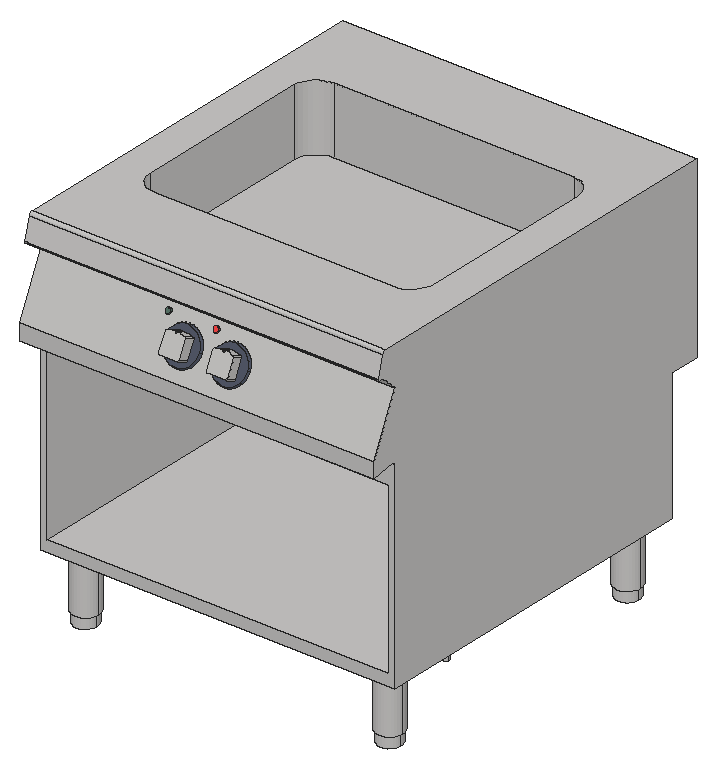
Revit family "QF_ZANUSSI_392151_Z9MFEHDIO0", category Specialty Equipment, Revit 2018
Family settings
  Round Connector Dimension = Use Diameter
  Part Type = Normal
  Work Plane-Based = No
  Always vertical = Yes
  Cut with Voids When Loaded = No
  Shared = No
  Room Calculation Point = No
Parameters
  Width = 800 mm  # constant formula
  Weight in Pounds = 115  # constant formula
  Weight = 0.00 kg
  Watts = 10000 W  # constant formula
  Waste Water Discharge Temperature [instance] = -459.67 °F
  Volts = 400 V  # constant formula
  URL Manufacturer = "http://www.zanussiprofessional.com"
  URL Cutsheet = "www.electrolux.com/foodservice"
  URL = "http://www.zanussiprofessional.com"
  Type Mark [instance] = ""
  Steam Supply Size = 0"
  Steam Supply Minimum Pressure = 0.00 psi
  Steam Supply Maximum Pressure = 0.00 psi
  Steam Pounds per Hour = 0
  Status [instance] = ""
  Specification by User [instance] = ""
  Specification by Manufacturer = ""
  Show Logo [instance] = yes
  Show Clearance [instance] = yes
  Serial Number = ""
  Seismic Rating = ""
  SMACNA No = ""
  Revision Code [instance] = ""
  Refrigeration Suction Line Size = 0"
  Refrigeration Liquid Line Size = 0"
  Refrigerant Compressor Remote = yes
  Plumbing Remarks [instance] = ""
  Plumbing Connection Type [instance] = ""
  Phase = 3  # constant formula
  Omniclass Number and Title = ""
  Number of Poles [instance] = 1
  NAFEM Spec ID Number = ""
  Model = "Z9MFEHDIO0"
  Min Ckt Ampacity = 0 A
  Max Overcurrent Protection = 0 A
  Masterspec = ""
  Manufacturer = "Zanussi"
  Length Actual = 800 mm  # constant formula
  Item Number [instance] = "392151"
  Installed By [instance] = ""
  Indirect Waste Size = 2"
  Indirect Waste Flow [instance] = 0 GPM
  Indirect Waste Connection Type [instance] = ""
  Indirect Waste Connection Height = 0 mm
  Identify Quantity as Lot [instance] = yes
  Hot Water Size = 0"
  Height Actual = 850 mm  # constant formula
  Height = 333 mm  # constant formula
  HP = "13.4 HP"
  Gas Size = 0"
  Gas KW = 0
  Gas Input Pressure = 0.0 Btu/h
  Furnished By [instance] = ""
  Foodservice Equipment Identifier [instance] = yes
  FL Amps = if(Phase = 3, Watts / (Volts * 1.73), Watts / Volts)  # 14.4509 A
  Electrical Remarks [instance] = "400 V/3N ph/50/60 Hz"  # constant formula
  Electric Connection Type [instance] = ""
  Elec Conn RI Height [instance] = 0 mm
  Elec Conn Connection Height [instance] = 0 mm
  Direct Waste Size = 0"
  Description = "EL. MULTIF. COOKER COMPOUND BOTTOM 22L"
  Depth Actual = 900 mm  # constant formula
  Depth = 915 mm  # constant formula
  Cycle = if([60 Hertz Option], 60 Hz, 50 Hz)  # 60 Hz
  Conn Plug = ""
  Conn Conduit = yes
  Condensate Return Size = 0"
  Compressed Air Volume = 0 GPM
  Compressed Air Size = 0"
  Compressed Air Pressure = 0.00 psi
  Cold Water Size = 0"
  CSI MasterFormat = ""
  CSI Master Format = ""
  Base Height [instance] = 150 mm  # constant formula
  Apparent Power = if(Phase = 3, Volts * FL Amps * 1.73, Volts * FL Amps)  # 10000 VA
  Accessory = yes
  60 Hertz Option = not([50 Hertz Option])  # yes
  50 Hertz Option = no
Reference planes
  plane 1 "BACK": y = 0
  plane 2: z = 0
  plane 3 "LEFT": x = 0
  plane 4 "RIGHT": x = 800
  plane 5 "FRONT": y = -915
  plane 6 "TOP": z = 865
  plane 7 "Center Y": x = 400
  plane 8 "Center X": y = -457.5
  plane 9: z = 150
  plane 10: y = -126
  plane 11: y = -800
  plane 12: y = -695
  plane 13: x = 56
  plane 14: x = 744
  plane 15: z = 600
Forms (mm)
  Extrusion 1, solid, material "QF_Finishes_Stainless Steel"
    sketch origin (0, -198.623, 0) x (0, 1, 0) y (0, 0, 1)
      loop
        line (198.623, 446.038) -> (198.623, 849) -> (-680.735, 849)
        arc (-680.735, 849) -> (-686.02, 846.811) -> (-688.209, 841.526) r 7.474
        line (-688.209, 841.526) -> (-701.26, 796.011)
        arc (-701.26, 796.011) -> (-700.772, 793.379) -> (-698.377, 792.184) r 3
        line (-698.377, 792.184) -> (-688.178, 792.184) -> (-656.358, 760.364) -> (-716.377, 636.508) -> (-716.377, 601.508) -> (-660.022, 609.428)
        arc (-660.022, 609.428) -> (-657.477, 608.674) -> (-656.377, 606.259) r 3.2
        line (-656.377, 606.259) -> (-656.377, 150) -> (127.186, 150) -> (127.186, 446.038) -> (198.623, 446.038)
    from 0 to 800
  Extrusion 2, void
    sketch origin (0, -198.623, 850.238) x (-1, 0, 0) y (0, -1, 0)
      loop
        line (-670, -11.863) -> (-128.433, -11.863)
        arc (-128.433, -11.863) -> (-93.078, 2.782) -> (-78.433, 38.137) r 50
        line (-78.433, 38.137) -> (-78.433, 446.377)
        arc (-78.433, 446.377) -> (-93.078, 481.732) -> (-128.433, 496.377) r 50
        line (-128.433, 496.377) -> (-670, 496.377)
        arc (-670, 496.377) -> (-705.355, 481.732) -> (-720, 446.377) r 50
        line (-720, 446.377) -> (-720, 38.137)
        arc (-720, 38.137) -> (-705.355, 2.782) -> (-670, -11.863) r 50
    from 0 to -152.4
  Extrusion 3, solid, material "QF_Clearances", visible <- "Show Clearance", detail levels coarse
    sketch origin (0, -198.623, 0) x (1, 0, 0) y (0, 1, 0)
      loop
        line (0, -716.377) -> (0, 198.623) -> (800, 198.623) -> (800, -716.377) -> (950.019, -716.377) -> (950.019, 348.642) -> (-150.019, 348.642) -> (-150.019, -716.377) -> (0, -716.377)
    from 0 to 865
  Revolve 4, solid, material "QF_Finishes_Stainless Steel"
    sketch origin (0, -799.136, 608.09) x (0, 0, 1) y (-1, 0, 0)
      loop
        line (-608.09, -56) -> (-458.09, -56) -> (-458.09, -26) -> (-583.09, -26) -> (-583.09, -29.75) -> (-608.09, -29.75) -> (-608.09, -56)
      axis (-608.09, -56) -> (-458.09, -56)
    angle from 0 to 360
  Revolve 5, solid, material "QF_Finishes_Stainless Steel"
    sketch origin (0, -126, 608.09) x (0, 0, 1) y (-1, 0, 0)
      loop
        line (-608.09, -56) -> (-458.09, -56) -> (-458.09, -26) -> (-583.09, -26) -> (-583.09, -29.75) -> (-608.09, -29.75) -> (-608.09, -56)
      axis (-608.09, -56) -> (-458.09, -56)
    angle from 0 to 360
  Revolve 6, solid, material "QF_Finishes_Stainless Steel"
    sketch origin (800.1, -799.136, 608.09) x (0, 0, 1) y (-1, 0, 0)
      loop
        line (-608.09, 56.1) -> (-608.09, 29.85) -> (-583.09, 29.85) -> (-583.09, 26.1) -> (-458.09, 26.1) -> (-458.09, 56.1) -> (-608.09, 56.1)
      axis (-608.09, 56.1) -> (-458.09, 56.1)
    angle from 0 to 360
  Revolve 7, solid, material "QF_Finishes_Stainless Steel"
    sketch origin (800.1, -126, 608.09) x (0, 0, 1) y (-1, 0, 0)
      loop
        line (-608.09, 56.1) -> (-608.09, 29.85) -> (-583.09, 29.85) -> (-583.09, 26.1) -> (-458.09, 26.1) -> (-458.09, 56.1) -> (-608.09, 56.1)
      axis (-608.09, 56.1) -> (-458.09, 56.1)
    angle from 0 to 360
  Extrusion 8, solid, material "QF_Finishes_Stainless Steel"
    sketch origin (-77.88, -4770.623, 601) x (-1, 0, 0) y (0, -1, 0)
      loop
        circle (-368.88, -4124.623) r 12.7
    from 0 to -12.7
  Extrusion 9, void
    sketch origin (0, -859.023, 601) x (0, 0, -1) y (-1, 0, 0)
      loop
        line (425.6, -12.7) -> (41.1, -12.7) -> (41.1, -787.3) -> (425.6, -787.3) -> (425.6, -12.7)
    from 0 to 570.276
  Extrusion 10, void
    sketch origin (0, -198.623, 697.838) x (0, -1, 0) y (-1, 0, 0)
      loop
        circle (447.377, -291) r 30
    from 0 to 96.838
  Extrusion 11, solid, material "QF_Finishes_Stainless Steel"
    sketch origin (0, -300.223, 149) x (-1, 0, 0) y (0, 1, 0)
      loop
        circle (-789, -394.777) r 6.604
    from -1 to 12.7
  Extrusion 12, solid, material "QF_Finishes_Stainless Steel"
    sketch origin (787.3, -859.023, 559.9) x (0, 1, 0) y (1, 0, 0)
      loop
        circle (105.023, -107.3) r 12.7
    from -60.039 to -40.1
  Blend 13, solid, material "QF_Finishes_Navy Blue"
    base sketch origin (345.887, -884.991, 698.436) x (1, 0, 0) y (0, 0.436077, 0.899909)
      loop
        circle (0, 0) r 42.5
    top sketch origin (345.887, -884.991, 698.436) x (1, 0, 0) y (0, 0.436077, 0.899909)
      loop
        circle (0, 0) r 40.5
    from 0 to 5
  Extrusion 14, solid, material "QF_Finishes_Stainless Steel"
    sketch origin (345.887, -884.991, 698.436) x (1, 0, 0) y (0, 0.436077, 0.899909)
      loop
        arc (-21.147, 22.789) -> (-22.494, 21.685) -> (-23, 20.019) r 2.997
        line (-23, 20.019) -> (-23, -20.019)
        arc (-23, -20.019) -> (-22.122, -22.138) -> (-20.003, -23.016) r 2.997
        line (-20.003, -23.016) -> (20.003, -23.016)
        arc (20.003, -23.016) -> (22.122, -22.138) -> (23, -20.019) r 2.997
        line (23, -20.019) -> (23, 20.019)
        arc (23, 20.019) -> (22.494, 21.685) -> (21.147, 22.789) r 2.997
        arc (21.147, 22.789) -> (0, 26.984) -> (-21.147, 22.789) r 55.4
    from 10 to 34
  Extrusion 15, solid, material "QF_Plastic-Black-Matte"
    sketch origin (403.387, -884.991, 698.436) x (0, 0.436077, 0.899909) y (0, -0.899909, 0.436077)
      loop
        line (26.984, 34) -> (26.984, 19) -> (27.984, 19) -> (27.984, 34)
        arc (27.984, 34) -> (27.691, 34.707) -> (26.984, 35) r 1
        line (26.984, 35) -> (23.984, 35) -> (23.984, 34) -> (26.984, 34)
    from -58.5 to -56.5
  Extrusion 16, solid, material "QF_Finishes_Stainless Steel"
    sketch origin (345.887, -884.991, 698.436) x (1, 0, 0) y (0, 0.436077, 0.899909)
      loop
        line (17.5, 17.5) -> (-17.5, 17.5) -> (-17.5, -17.5) -> (17.5, -17.5) -> (17.5, 17.5)
    from 5 to 10
  Blend 17, solid, material "QF_Finishes_Navy Blue"
    base sketch origin (454.213, -884.991, 698.436) x (1, 0, 0) y (0, 0.436077, 0.899909)
      loop
        circle (0, 0) r 42.5
    top sketch origin (454.213, -884.991, 698.436) x (1, 0, 0) y (0, 0.436077, 0.899909)
      loop
        circle (0, 0) r 40.5
    from 0 to 5
  Extrusion 18, solid, material "QF_Finishes_Stainless Steel"
    sketch origin (454.213, -884.991, 698.436) x (1, 0, 0) y (0, 0.436077, 0.899909)
      loop
        arc (-21.147, 22.789) -> (-22.494, 21.685) -> (-23, 20.019) r 2.997
        line (-23, 20.019) -> (-23, -20.019)
        arc (-23, -20.019) -> (-22.122, -22.138) -> (-20.003, -23.016) r 2.997
        line (-20.003, -23.016) -> (20.003, -23.016)
        arc (20.003, -23.016) -> (22.122, -22.138) -> (23, -20.019) r 2.997
        line (23, -20.019) -> (23, 20.019)
        arc (23, 20.019) -> (22.494, 21.685) -> (21.147, 22.789) r 2.997
        arc (21.147, 22.789) -> (0, 26.984) -> (-21.147, 22.789) r 55.4
    from 10 to 34
  Extrusion 19, solid, material "QF_Finishes_Stainless Steel"
    sketch origin (454.213, -884.991, 698.436) x (1, 0, 0) y (0, 0.436077, 0.899909)
      loop
        line (17.5, 17.5) -> (-17.5, 17.5) -> (-17.5, -17.5) -> (17.5, -17.5) -> (17.5, 17.5)
    from 5 to 10
  Extrusion 20, solid, material "QF_Plastic-Black-Matte"
    sketch origin (396.713, -884.991, 698.436) x (0, 0.436077, 0.899909) y (0, 0.899909, -0.436077)
      loop
        line (26.984, -34) -> (23.984, -34) -> (23.984, -35) -> (26.984, -35)
        arc (26.984, -35) -> (27.691, -34.707) -> (27.984, -34) r 1
        line (27.984, -34) -> (27.984, -19) -> (26.984, -19) -> (26.984, -34)
    from -58.5 to -56.5
  Extrusion 21, solid, material "QF_Finishes_DarkGreen"
    sketch origin (350.887, -863.187, 743.432) x (1, 0, 0) y (0, 0.436077, 0.899909)
      loop
        circle (-55.001, 0) r 6
    from 0 to 1.6
  Extrusion 22, solid, material "QF_Finishes_Red"
    sketch origin (459.213, -863.187, 743.432) x (1, 0, 0) y (0, 0.436077, 0.899909)
      loop
        circle (-55.001, 0) r 6
    from 0 to 1.6
Cuts and joins
  Extrusion 2, Extrusion 9, Extrusion 10 cuts Extrusion 1
Lines and regions (mm)
  Split face 1
    outline origin (345.887, -889.49, 700.616) x (1, 0, 0) y (0, 0.436077, 0.899909)
      loop
        circle (-34, 0) r 1.5
  Split face 2
    outline origin (345.887, -889.49, 700.616) x (1, 0, 0) y (0, 0.436077, 0.899909)
      loop
        circle (-30.633, -14.752) r 1.5
  Split face 3
    outline origin (345.887, -889.49, 700.616) x (1, 0, 0) y (0, 0.436077, 0.899909)
      loop
        circle (-21.199, -26.582) r 1.5
  Split face 4
    outline origin (345.887, -889.49, 700.616) x (1, 0, 0) y (0, 0.436077, 0.899909)
      loop
        circle (-7.566, -33.148) r 1.5
  Split face 5
    outline origin (345.887, -889.49, 700.616) x (1, 0, 0) y (0, 0.436077, 0.899909)
      loop
        circle (7.566, -33.148) r 1.5
  Split face 6
    outline origin (345.887, -889.49, 700.616) x (1, 0, 0) y (0, 0.436077, 0.899909)
      loop
        circle (21.199, -26.582) r 1.5
  Split face 7
    outline origin (345.887, -889.49, 700.616) x (1, 0, 0) y (0, 0.436077, 0.899909)
      loop
        circle (30.633, -14.752) r 1.5
  Split face 8
    outline origin (345.887, -889.49, 700.616) x (1, 0, 0) y (0, 0.436077, 0.899909)
      loop
        circle (34, 0) r 1.5
  Split face 9
    outline origin (345.887, -889.49, 700.616) x (1, 0, 0) y (0, 0.436077, 0.899909)
      loop
        circle (-21.199, 26.582) r 1.5
  Split face 10
    outline origin (454.213, -889.49, 700.616) x (1, 0, 0) y (0, 0.436077, 0.899909)
      loop
        circle (-34, 0) r 1.5
  Split face 11
    outline origin (454.213, -889.49, 700.616) x (1, 0, 0) y (0, 0.436077, 0.899909)
      loop
        circle (-30.633, -14.752) r 1.5
  Split face 12
    outline origin (454.213, -889.49, 700.616) x (1, 0, 0) y (0, 0.436077, 0.899909)
      loop
        circle (-21.199, -26.582) r 1.5
  Split face 13
    outline origin (454.213, -889.49, 700.616) x (1, 0, 0) y (0, 0.436077, 0.899909)
      loop
        circle (-7.566, -33.148) r 1.5
  Split face 14
    outline origin (454.213, -889.49, 700.616) x (1, 0, 0) y (0, 0.436077, 0.899909)
      loop
        circle (7.566, -33.148) r 1.5
  Split face 15
    outline origin (454.213, -889.49, 700.616) x (1, 0, 0) y (0, 0.436077, 0.899909)
      loop
        circle (21.199, -26.582) r 1.5
  Split face 16
    outline origin (454.213, -889.49, 700.616) x (1, 0, 0) y (0, 0.436077, 0.899909)
      loop
        circle (30.633, -14.752) r 1.5
  Split face 17
    outline origin (454.213, -889.49, 700.616) x (1, 0, 0) y (0, 0.436077, 0.899909)
      loop
        circle (34, 0) r 1.5
  Split face 18
    outline origin (454.213, -889.49, 700.616) x (1, 0, 0) y (0, 0.436077, 0.899909)
      loop
        circle (-21.199, 26.582) r 1.5
  Split face 19
    outline origin (454.51, -889.49, 700.616) x (1, 0, 0) y (0, 0.436077, 0.899909)
      loop
        line (-8.901, 38.561) -> (-8.901, 28.561) -> (-2.901, 28.561) -> (-2.901, 38.561) -> (-8.901, 38.561)
  Split face 20
    outline origin (454.51, -889.49, 700.616) x (1, 0, 0) y (0, 0.436077, 0.899909)
      loop
        line (-8.401, 38.061) -> (-8.401, 29.061) -> (-3.401, 29.061) -> (-3.401, 38.061) -> (-8.401, 38.061)
  Split face 21
    outline origin (454.51, -889.49, 700.616) x (1, 0, 0) y (0, 0.436077, 0.899909)
      loop
        line (-8.401, 34.061) -> (-3.401, 34.061)
  Split face 22
    outline origin (454.51, -889.49, 700.616) x (1, 0, 0) y (0, 0.436077, 0.899909)
      loop
        line (-8.401, 33.561) -> (-3.401, 33.561)
  Split face 23
    outline origin (454.51, -889.49, 700.616) x (1, 0, 0) y (0, 0.436077, 0.899909)
      loop
        circle (-5.901, 31.311) r 2.029
  Split face 24
    outline origin (475.878, -886.26, 707.282) x (1, 0, 0) y (0, 0.436077, 0.899909)
      loop
        circle (-21.665, 26.582) r 1.5
  Split face 25
    outline origin (367.553, -886.26, 707.282) x (1, 0, 0) y (0, 0.436077, 0.899909)
      loop
        circle (-21.665, 26.582) r 1.5
  symbolic lines, style "QF_Clearances", visible <- "Show Clearance", detail levels coarse
    curve 1: line (-150.019, 150.019, 850.238) -> (-150.019, -915, 850.238)
    curve 2: line (950.019, 150.019, 850.237) -> (-150.019, 150.019, 850.238)
    curve 3: line (950.019, -915, 850.237) -> (950.019, 150.019, 850.237)
  symbolic lines
    curve 4: line (0, 0, 850.238) -> (800, 0, 850.237)
    curve 5: line (0, -913.623, 850.238) -> (0, 0, 850.238)
    curve 6: line (800, 0, 850.237) -> (800, -913.623, 850.237)
    curve 7: line (22.699, -6.761, 850.238) -> (22.699, -63.911, 850.238)
    curve 8: line (13.403, -63.911, 850.238) -> (13.403, -6.761, 850.238)
    curve 9: line (13.403, -6.761, 850.238) -> (22.699, -6.761, 850.238)
    curve 10: line (0, -73.623, 850.238) -> (398.413, -73.623, 850.237)
    curve 11: line (384.649, -6.761, 850.237) -> (384.649, -63.911, 850.237)
    curve 12: line (375.353, -63.911, 850.237) -> (375.353, -6.761, 850.237)
    curve 13: line (375.353, -6.761, 850.237) -> (384.649, -6.761, 850.237)
    curve 14: line (50.541, -6.761, 850.238) -> (50.541, -63.911, 850.238)
    curve 15: line (41.245, -63.911, 850.238) -> (41.245, -6.761, 850.238)
    curve 16: line (41.245, -6.761, 850.238) -> (50.541, -6.761, 850.238)
    curve 17: line (78.383, -6.761, 850.238) -> (78.383, -63.911, 850.238)
    curve 18: line (69.087, -63.911, 850.238) -> (69.087, -6.761, 850.238)
    curve 19: line (69.087, -6.761, 850.238) -> (78.383, -6.761, 850.238)
    curve 20: line (106.225, -6.761, 850.237) -> (106.225, -63.911, 850.237)
    curve 21: line (96.93, -63.911, 850.238) -> (96.93, -6.761, 850.238)
    curve 22: line (96.93, -6.761, 850.238) -> (106.225, -6.761, 850.237)
    curve 23: line (134.068, -6.761, 850.237) -> (134.068, -63.911, 850.237)
    curve 24: line (124.772, -63.911, 850.237) -> (124.772, -6.761, 850.237)
    curve 25: line (124.772, -6.761, 850.237) -> (134.068, -6.761, 850.237)
    curve 26: line (161.91, -6.761, 850.237) -> (161.91, -63.911, 850.237)
    curve 27: line (152.614, -63.911, 850.237) -> (152.614, -6.761, 850.237)
    curve 28: line (152.614, -6.761, 850.237) -> (161.91, -6.761, 850.237)
    curve 29: line (189.752, -6.761, 850.237) -> (189.752, -63.911, 850.237)
    curve 30: line (180.457, -63.911, 850.237) -> (180.457, -6.761, 850.237)
    curve 31: line (180.457, -6.761, 850.237) -> (189.752, -6.761, 850.237)
    curve 32: line (217.595, -6.761, 850.237) -> (217.595, -63.911, 850.237)
    curve 33: line (208.299, -63.911, 850.237) -> (208.299, -6.761, 850.237)
    curve 34: line (208.299, -6.761, 850.237) -> (217.595, -6.761, 850.237)
    curve 35: line (245.437, -6.761, 850.237) -> (245.437, -63.911, 850.237)
    curve 36: line (236.141, -63.911, 850.237) -> (236.141, -6.761, 850.237)
    curve 37: line (236.141, -6.761, 850.237) -> (245.437, -6.761, 850.237)
    curve 38: line (273.279, -6.761, 850.237) -> (273.279, -63.911, 850.237)
    curve 39: line (263.984, -63.911, 850.237) -> (263.984, -6.761, 850.237)
    curve 40: line (263.984, -6.761, 850.237) -> (273.279, -6.761, 850.237)
    curve 41: line (301.122, -6.761, 850.237) -> (301.122, -63.911, 850.237)
    curve 42: line (291.826, -63.911, 850.237) -> (291.826, -6.761, 850.237)
    curve 43: line (291.826, -6.761, 850.237) -> (301.122, -6.761, 850.237)
    curve 44: line (328.964, -6.761, 850.237) -> (328.964, -63.911, 850.237)
    curve 45: line (319.668, -63.911, 850.237) -> (319.668, -6.761, 850.237)
    curve 46: line (319.668, -6.761, 850.237) -> (328.964, -6.761, 850.237)
    curve 47: line (356.806, -6.761, 850.237) -> (356.806, -63.911, 850.237)
    curve 48: line (347.511, -63.911, 850.237) -> (347.511, -6.761, 850.237)
    curve 49: line (347.511, -6.761, 850.237) -> (356.806, -6.761, 850.237)
    curve 50: line (777.251, -6.761, 850.237) -> (777.251, -63.911, 850.237)
    curve 51: line (786.547, -63.911, 850.237) -> (786.547, -6.761, 850.237)
    curve 52: line (786.547, -6.761, 850.237) -> (777.251, -6.761, 850.237)
    curve 53: line (415.301, -6.761, 850.237) -> (415.301, -63.911, 850.237)
    curve 54: line (424.597, -63.911, 850.237) -> (424.597, -6.761, 850.237)
    curve 55: line (424.597, -6.761, 850.237) -> (415.301, -6.761, 850.237)
    curve 56: line (749.409, -6.761, 850.237) -> (749.409, -63.911, 850.237)
    curve 57: line (758.705, -63.911, 850.237) -> (758.705, -6.761, 850.237)
    curve 58: line (758.705, -6.761, 850.237) -> (749.409, -6.761, 850.237)
    curve 59: line (721.567, -6.761, 850.237) -> (721.567, -63.911, 850.237)
    curve 60: line (730.863, -63.911, 850.237) -> (730.863, -6.761, 850.237)
    curve 61: line (730.863, -6.761, 850.237) -> (721.567, -6.761, 850.237)
    curve 62: line (693.725, -6.761, 850.237) -> (693.725, -63.911, 850.237)
    curve 63: line (703.02, -63.911, 850.237) -> (703.02, -6.761, 850.237)
    curve 64: line (703.02, -6.761, 850.237) -> (693.725, -6.761, 850.237)
    curve 65: line (665.882, -6.761, 850.237) -> (665.882, -63.911, 850.237)
    curve 66: line (675.178, -63.911, 850.237) -> (675.178, -6.761, 850.237)
    curve 67: line (675.178, -6.761, 850.237) -> (665.882, -6.761, 850.237)
    curve 68: line (638.04, -6.761, 850.237) -> (638.04, -63.911, 850.237)
    curve 69: line (647.336, -63.911, 850.237) -> (647.336, -6.761, 850.237)
    curve 70: line (647.336, -6.761, 850.237) -> (638.04, -6.761, 850.237)
    curve 71: line (610.198, -6.761, 850.237) -> (610.198, -63.911, 850.237)
    curve 72: line (619.493, -63.911, 850.237) -> (619.493, -6.761, 850.237)
    curve 73: line (619.493, -6.761, 850.237) -> (610.198, -6.761, 850.237)
    curve 74: line (582.355, -6.761, 850.237) -> (582.355, -63.911, 850.237)
    curve 75: line (591.651, -63.911, 850.237) -> (591.651, -6.761, 850.237)
    curve 76: line (591.651, -6.761, 850.237) -> (582.355, -6.761, 850.237)
    curve 77: line (554.513, -6.761, 850.237) -> (554.513, -63.911, 850.237)
    curve 78: line (563.809, -63.911, 850.237) -> (563.809, -6.761, 850.237)
    curve 79: line (563.809, -6.761, 850.237) -> (554.513, -6.761, 850.237)
    curve 80: line (526.671, -6.761, 850.237) -> (526.671, -63.911, 850.237)
    curve 81: line (535.966, -63.911, 850.237) -> (535.966, -6.761, 850.237)
    curve 82: line (535.966, -6.761, 850.237) -> (526.671, -6.761, 850.237)
    curve 83: line (498.828, -6.761, 850.237) -> (498.828, -63.911, 850.237)
    curve 84: line (508.124, -63.911, 850.237) -> (508.124, -6.761, 850.237)
    curve 85: line (508.124, -6.761, 850.237) -> (498.828, -6.761, 850.237)
    curve 86: line (470.986, -6.761, 850.237) -> (470.986, -63.911, 850.237)
    curve 87: line (480.282, -63.911, 850.237) -> (480.282, -6.761, 850.237)
    curve 88: line (480.282, -6.761, 850.237) -> (470.986, -6.761, 850.237)
    curve 89: line (443.144, -6.761, 850.237) -> (443.144, -63.911, 850.237)
    curve 90: line (452.439, -63.911, 850.237) -> (452.439, -6.761, 850.237)
    curve 91: line (452.439, -6.761, 850.237) -> (443.144, -6.761, 850.237)
    curve 92: line (401.588, -73.623, 850.237) -> (401.588, 0, 850.237)
    curve 93: line (398.413, 0, 850.237) -> (398.413, -73.623, 850.237)
    curve 94: line (401.588, -73.623, 850.237) -> (800, -73.623, 850.237)
    curve 95: line (13.453, -63.911, 0) -> (22.749, -63.911, 0)
    curve 96: line (375.403, -63.911, 0) -> (384.699, -63.911, 0)
    curve 97: line (41.295, -63.911, 0) -> (50.591, -63.911, 0)
    curve 98: line (69.137, -63.911, 0) -> (78.433, -63.911, 0)
    curve 99: line (96.98, -63.911, 0) -> (106.275, -63.911, 0)
    curve 100: line (124.822, -63.911, 0) -> (134.118, -63.911, 0)
    curve 101: line (152.664, -63.911, 0) -> (161.96, -63.911, 0)
    curve 102: line (180.507, -63.911, 0) -> (189.802, -63.911, 0)
    curve 103: line (208.349, -63.911, 0) -> (217.645, -63.911, 0)
    curve 104: line (236.191, -63.911, 0) -> (245.487, -63.911, 0)
    curve 105: line (264.034, -63.911, 0) -> (273.329, -63.911, 0)
    curve 106: line (291.876, -63.911, 0) -> (301.172, -63.911, 0)
    curve 107: line (319.718, -63.911, 0) -> (329.014, -63.911, 0)
    curve 108: line (347.561, -63.911, 0) -> (356.856, -63.911, 0)
    curve 109: line (786.597, -63.911, 0) -> (777.301, -63.911, 0)
    curve 110: line (424.647, -63.911, 0) -> (415.351, -63.911, 0)
    curve 111: line (758.755, -63.911, 0) -> (749.459, -63.911, 0)
    curve 112: line (730.913, -63.911, 0) -> (721.617, -63.911, 0)
    curve 113: line (703.07, -63.911, 0) -> (693.775, -63.911, 0)
    curve 114: line (675.228, -63.911, 0) -> (665.932, -63.911, 0)
    curve 115: line (647.386, -63.911, 0) -> (638.09, -63.911, 0)
    curve 116: line (619.543, -63.911, 0) -> (610.248, -63.911, 0)
    curve 117: line (591.701, -63.911, 0) -> (582.405, -63.911, 0)
    curve 118: line (563.859, -63.911, 0) -> (554.563, -63.911, 0)
    curve 119: line (536.016, -63.911, 0) -> (526.721, -63.911, 0)
    curve 120: line (508.174, -63.911, 0) -> (498.878, -63.911, 0)
    curve 121: line (480.332, -63.911, 0) -> (471.036, -63.911, 0)
    curve 122: line (452.489, -63.911, 0) -> (443.194, -63.911, 0)
    curve 123: line (670, -186.761, 850.237) -> (128.433, -186.761, 850.237)
    curve 124: arc (128.433, -186.761, 850.237) -> (93.078, -201.406, 850.238) -> (78.433, -236.761, 850.238) r 50
    curve 125: line (78.433, -236.761, 850.238) -> (78.433, -645, 850.238)
    curve 126: arc (78.433, -645, 850.238) -> (93.078, -680.355, 850.238) -> (128.433, -695, 850.237) r 50
    curve 127: line (128.433, -695, 850.237) -> (670, -695, 850.237)
    curve 128: arc (670, -186.761, 850.237) -> (705.355, -201.406, 850.237) -> (720, -236.761, 850.237) r 50
    curve 129: line (720, -236.761, 850.237) -> (720, -645, 850.237)
    curve 130: arc (720, -645, 850.237) -> (705.355, -680.355, 850.237) -> (670, -695, 850.237) r 50
    curve 131: arc (291, -616, 850.237) -> (321, -646, 850.237) -> (291, -676, 850.237) r 30
    curve 132: arc (291, -676, 850.237) -> (261, -646, 850.237) -> (291, -616, 850.237) r 30
    curve 133: line (0, -899.945, 0) -> (800, -899.945, 0)
    curve 134: line (322.887, -899.945, 0) -> (322.887, -924.291, 0)
    curve 135: arc (322.887, -924.291, 0) -> (323.034, -924.755, 0) -> (323.419, -925.051, 0) r 0.809
    curve 136: arc (323.419, -925.051, 0) -> (324.607, -925.532, 0) -> (325.885, -925.625, 0) r 4.127
    curve 137: arc (322.887, -904.237, 0) -> (317.846, -902.403, 0) -> (313.078, -899.945, 0) r 42.24
    curve 138: arc (322.887, -906.484, 0) -> (323.389, -905.763, 0) -> (324.187, -905.393, 0) r 1.682
    curve 139: arc (324.187, -905.393, 0) -> (334.489, -903.895, 0) -> (344.887, -903.386, 0) r 109.079
    curve 140: line (344.887, -899.945, 0) -> (344.887, -905.616, 0)
    curve 141: line (344.887, -905.616, 0) -> (346.887, -905.616, 0)
    curve 142: line (346.887, -905.616, 0) -> (346.887, -899.945, 0)
    curve 143: line (368.887, -899.945, 0) -> (368.887, -924.291, 0)
    curve 144: arc (368.887, -924.291, 0) -> (368.741, -924.755, 0) -> (368.355, -925.051, 0) r 0.809
    curve 145: arc (368.355, -925.051, 0) -> (367.168, -925.532, 0) -> (365.89, -925.625, 0) r 4.127
    curve 146: arc (368.887, -904.237, 0) -> (373.929, -902.403, 0) -> (378.697, -899.945, 0) r 42.24
    curve 147: arc (368.887, -906.484, 0) -> (368.385, -905.763, 0) -> (367.588, -905.393, 0) r 1.682
    curve 148: arc (367.588, -905.393, 0) -> (357.286, -903.895, 0) -> (346.887, -903.386, 0) r 109.079
    curve 149: line (325.885, -925.625, 0) -> (365.89, -925.625, 0)
    curve 150: line (477.213, -899.945, 0) -> (477.213, -924.291, 0)
    curve 151: arc (477.213, -924.291, 0) -> (477.066, -924.755, 0) -> (476.681, -925.051, 0) r 0.809
    curve 152: arc (476.681, -925.051, 0) -> (475.493, -925.532, 0) -> (474.215, -925.625, 0) r 4.127
    curve 153: arc (477.213, -904.237, 0) -> (482.254, -902.403, 0) -> (487.022, -899.945, 0) r 42.24
    curve 154: arc (477.213, -906.484, 0) -> (476.711, -905.763, 0) -> (475.913, -905.393, 0) r 1.682
    curve 155: arc (475.913, -905.393, 0) -> (465.611, -903.895, 0) -> (455.213, -903.386, 0) r 109.079
    curve 156: line (455.213, -899.945, 0) -> (455.213, -905.616, 0)
    curve 157: line (455.213, -905.616, 0) -> (453.213, -905.616, 0)
    curve 158: line (453.213, -905.616, 0) -> (453.213, -899.945, 0)
    curve 159: line (431.213, -899.945, 0) -> (431.213, -924.291, 0)
    curve 160: arc (431.213, -924.291, 0) -> (431.359, -924.755, 0) -> (431.745, -925.051, 0) r 0.809
    curve 161: arc (431.745, -925.051, 0) -> (432.932, -925.532, 0) -> (434.21, -925.625, 0) r 4.127
    curve 162: arc (431.213, -904.237, 0) -> (426.171, -902.403, 0) -> (421.403, -899.945, 0) r 42.24
    curve 163: arc (431.213, -906.484, 0) -> (431.715, -905.763, 0) -> (432.512, -905.393, 0) r 1.682
    curve 164: arc (432.512, -905.393, 0) -> (442.814, -903.895, 0) -> (453.213, -903.386, 0) r 109.079
    curve 165: line (474.215, -925.625, 0) -> (434.21, -925.625, 0)
    curve 166: line (368.887, -914.945, 0) -> (431.213, -914.945, 0)
    curve 167: line (477.213, -914.945, 0) -> (800, -914.945, 0)
    curve 168: line (0, -914.945, 0) -> (322.887, -914.945, 0)
Dimensions and locks
  equal spacing: plane 3 "LEFT", plane 7 "Center Y", plane 4 "RIGHT"
  "Width": plane 3 "LEFT" to plane 4 "RIGHT"
  equal spacing: plane 5 "FRONT", plane 8 "Center X", plane 1 "BACK"
  "Depth": plane 5 "FRONT" to plane 1 "BACK"
  plane 1 "BACK" to plane 5 "FRONT" = 915 mm
  "Base Height": plane 9 to level
  plane 6 "TOP" to plane 2 = 865 mm  (x2)
  plane 10 to plane 1 "BACK" = 126 mm
  plane 11 to plane 10 = 674 mm
  plane 9 to plane 2 = 150 mm
  plane 12 to plane 1 "BACK" = 695 mm
  Extrusion 10 sketch curve to plane 1 "BACK" = 646 mm
  plane 3 "LEFT" to Extrusion 10 sketch curve = 291 mm
  Extrusion 8 sketch curve to plane 1 "BACK" = 646 mm
  plane 3 "LEFT" to Extrusion 8 sketch curve = 291 mm
  plane 4 "RIGHT" to plane 14 to plane 13 to plane 3 "LEFT" = 56 mm, 688 mm, 56 mm
  plane 15 to plane 6 "TOP" = 265 mm
  plane 6 "TOP" to plane 15 to plane 9 = 265 mm, 450 mm
  aligned and locked: level to plane 2
Automatic sketch dimensions
  plane 5 "FRONT" to curve 3 = 0 mm
  curve 94 to plane 4 "RIGHT" = 0 mm
  curve 130 to plane 12 = 0 mm
  plane 1 "BACK" to curve 92 = 0 mm
  plane 5 "FRONT" to curve 1 = 0 mm
  plane 4 "RIGHT" to curve 3 = 150.019 mm
  curve 51 to plane 4 "RIGHT" = 13.453 mm
  curve 51 to curve 50 = 9.296 mm
  plane 14 to curve 57 = 14.705 mm
  plane 14 to curve 56 = 5.409 mm
  curve 60 to plane 14 = 13.137 mm
  curve 60 to curve 61 = 9.296 mm
  curve 128 to plane 14 = 24 mm
  plane 1 "BACK" to curve 64 = 6.761 mm
  curve 59 to curve 64 = 18.547 mm
  curve 63 to curve 62 = 9.296 mm
  plane 1 "BACK" to curve 66 = 6.761 mm
  curve 62 to curve 66 = 18.547 mm
  curve 129 to curve 130 = 50 mm
  curve 128 to curve 128 = 50 mm
  curve 66 to curve 65 = 9.296 mm
  plane 1 "BACK" to curve 69 = 6.761 mm
  curve 65 to curve 69 = 18.547 mm
  curve 69 to curve 68 = 9.296 mm
  plane 1 "BACK" to curve 72 = 6.761 mm
  curve 68 to curve 72 = 18.547 mm
  curve 72 to curve 71 = 9.296 mm
  curve 71 to curve 75 = 18.547 mm
  curve 75 to curve 74 = 9.296 mm
  plane 1 "BACK" to curve 79 = 6.761 mm
  curve 74 to curve 79 = 18.547 mm
  curve 78 to curve 77 = 9.296 mm
  plane 1 "BACK" to curve 81 = 6.761 mm
  curve 77 to curve 81 = 18.547 mm
  curve 81 to curve 80 = 9.296 mm
  plane 1 "BACK" to curve 84 = 6.761 mm
  curve 80 to curve 84 = 18.547 mm
  curve 84 to curve 83 = 9.296 mm
  plane 1 "BACK" to curve 87 = 6.761 mm
  curve 83 to curve 87 = 18.547 mm
  curve 87 to curve 86 = 9.296 mm
  plane 1 "BACK" to curve 90 = 6.761 mm
  curve 86 to curve 90 = 18.547 mm
  curve 90 to curve 89 = 9.296 mm
  plane 1 "BACK" to curve 55 = 6.761 mm
  curve 89 to curve 55 = 18.547 mm
  curve 54 to curve 55 = 9.296 mm
  plane 7 "Center Y" to curve 92 = 1.588 mm
  curve 10 to plane 7 "Center Y" = 1.587 mm
  curve 11 to plane 7 "Center Y" = 15.351 mm
  curve 11 to curve 12 = 9.296 mm
  plane 1 "BACK" to curve 47 = 6.761 mm
  curve 12 to curve 47 = 18.547 mm
  curve 47 to curve 48 = 9.296 mm
  curve 48 to curve 44 = 18.547 mm
  curve 44 to curve 45 = 9.296 mm
  plane 1 "BACK" to curve 41 = 6.761 mm
  curve 45 to curve 41 = 18.547 mm
  curve 41 to curve 42 = 9.296 mm
  plane 1 "BACK" to curve 38 = 6.761 mm
  curve 42 to curve 38 = 18.547 mm
  curve 38 to curve 39 = 9.296 mm
  curve 39 to curve 35 = 18.547 mm
  curve 35 to curve 36 = 9.296 mm
  plane 1 "BACK" to curve 32 = 6.761 mm
  curve 36 to curve 32 = 18.547 mm
  curve 32 to curve 33 = 9.296 mm
  curve 33 to curve 29 = 18.547 mm
  curve 29 to curve 31 = 9.296 mm
  plane 1 "BACK" to curve 28 = 6.761 mm
  curve 30 to curve 28 = 18.547 mm
  curve 26 to curve 27 = 9.296 mm
  plane 1 "BACK" to curve 23 = 6.761 mm
  curve 27 to curve 23 = 18.547 mm
  plane 13 to curve 127 = 72.433 mm
  plane 13 to curve 124 = 72.433 mm
  curve 23 to curve 24 = 9.296 mm
  plane 1 "BACK" to curve 20 = 6.761 mm
  curve 24 to curve 20 = 18.547 mm
  curve 20 to curve 21 = 9.296 mm
  plane 13 to curve 124 = 22.433 mm
  plane 1 "BACK" to curve 19 = 6.761 mm
  curve 21 to curve 19 = 18.547 mm
  curve 17 to curve 19 = 9.296 mm
  curve 16 to plane 13 = 5.459 mm
  curve 14 to curve 15 = 9.296 mm
  plane 1 "BACK" to curve 9 = 6.761 mm
  curve 15 to curve 9 = 18.547 mm
  curve 7 to curve 8 = 9.296 mm
  curve 1 to plane 3 "LEFT" = 150.019 mm
  curve 1 to plane 1 "BACK" = 150.019 mm
  plane 1 "BACK" to curve 11 = 6.761 mm
  plane 1 "BACK" to curve 14 = 6.761 mm
  plane 1 "BACK" to curve 29 = 6.761 mm
  plane 1 "BACK" to curve 76 = 6.761 mm
  plane 1 "BACK" to curve 35 = 6.761 mm
  plane 1 "BACK" to curve 44 = 6.761 mm
  plane 1 "BACK" to curve 50 = 6.761 mm
  plane 1 "BACK" to curve 56 = 6.761 mm
  plane 1 "BACK" to curve 59 = 6.761 mm
  curve 60 to curve 60 = 57.15 mm
  curve 59 to curve 60 = 0 mm
  curve 60 to curve 57 = 0 mm
  curve 62 to curve 59 = 0 mm
  curve 62 to curve 63 = 0 mm
  curve 56 to curve 57 = 0 mm
  curve 54 to curve 54 = 57.15 mm
  curve 53 to curve 54 = 0 mm
  curve 57 to curve 51 = 0 mm
  curve 65 to curve 62 = 0 mm
  curve 65 to curve 66 = 0 mm
  curve 50 to curve 51 = 0 mm
  curve 48 to curve 48 = 57.15 mm
  curve 48 to curve 47 = 0 mm
  curve 45 to curve 48 = 0 mm
  curve 68 to curve 65 = 0 mm
  curve 68 to curve 69 = 0 mm
  curve 45 to curve 44 = 0 mm
  curve 42 to curve 45 = 0 mm
  curve 42 to curve 41 = 0 mm
  curve 39 to curve 42 = 0 mm
  curve 71 to curve 68 = 0 mm
  curve 71 to curve 72 = 0 mm
  curve 39 to curve 38 = 0 mm
  curve 36 to curve 39 = 0 mm
  curve 36 to curve 35 = 0 mm
  curve 33 to curve 36 = 0 mm
  curve 74 to curve 71 = 0 mm
  curve 74 to curve 75 = 0 mm
  curve 33 to curve 32 = 0 mm
  curve 30 to curve 33 = 0 mm
  curve 30 to curve 29 = 0 mm
  curve 27 to curve 30 = 0 mm
  curve 77 to curve 74 = 0 mm
  curve 77 to curve 78 = 0 mm
  curve 27 to curve 26 = 0 mm
  curve 24 to curve 27 = 0 mm
  curve 24 to curve 23 = 0 mm
  curve 21 to curve 24 = 0 mm
  curve 80 to curve 77 = 0 mm
  curve 80 to curve 81 = 0 mm
  curve 21 to curve 20 = 0 mm
  curve 18 to curve 21 = 0 mm
  curve 18 to curve 17 = 0 mm
  curve 15 to curve 18 = 0 mm
  curve 83 to curve 80 = 0 mm
  curve 83 to curve 84 = 0 mm
  curve 15 to curve 14 = 0 mm
  curve 47 to curve 12 = 0 mm
  curve 12 to curve 11 = 0 mm
  curve 54 to curve 90 = 0 mm
  curve 90 to curve 86 = 0 mm
  curve 86 to curve 87 = 0 mm
  curve 89 to curve 90 = 0 mm
  curve 8 to curve 15 = 0 mm
  curve 8 to curve 7 = 0 mm
  curve 11 to curve 93 = 9.713 mm
  curve 51 to curve 94 = 9.713 mm
  plane 10 to curve 124 = 60.761 mm
  Extrusion 2 sketch curve to plane 12 = 0 mm
  Extrusion 2 sketch curve to plane 14 = 24 mm
  Extrusion 2 sketch curve to Extrusion 2 sketch curve = 50 mm  (x2)
  plane 13 to Extrusion 2 sketch curve = 72.433 mm  (x2)
  plane 13 to Extrusion 2 sketch curve = 22.433 mm
  plane 10 to Extrusion 2 sketch curve = 110.761 mm
  plane 5 "FRONT" to Extrusion 3 sketch curve = 0 mm  (x2)
  plane 1 "BACK" to Extrusion 3 sketch curve = 0 mm
  Extrusion 3 sketch curve to plane 3 "LEFT" = 0 mm
  Extrusion 3 sketch curve to plane 4 "RIGHT" = 0 mm
  Extrusion 3 sketch curve to plane 3 "LEFT" = 150.019 mm
  plane 4 "RIGHT" to Extrusion 3 sketch curve = 150.019 mm
  Extrusion 3 sketch curve to plane 1 "BACK" = 150.019 mm
  Revolve 4 sketch curve to level = 0 mm
  Revolve 4 sketch curve to plane 9 = 0 mm
  Revolve 4 sketch curve to plane 13 = 0 mm  (x2)
  level to Revolve 4 sketch curve = 25 mm
  Revolve 4 sketch curve to Revolve 4 sketch curve = 1 mm
  Revolve 4 sketch curve to Revolve 4 sketch curve = 20 mm
  Revolve 4 sketch curve to plane 13 = 26.25 mm
  plane 3 "LEFT" to Revolve 4 sketch curve = 26 mm
  Revolve 5 sketch curve to level = 0 mm
  Revolve 5 sketch curve to plane 9 = 0 mm
  Revolve 5 sketch curve to plane 13 = 0 mm  (x2)
  level to Revolve 5 sketch curve = 25 mm
  Revolve 5 sketch curve to Revolve 5 sketch curve = 1 mm
  Revolve 5 sketch curve to Revolve 5 sketch curve = 20 mm
  Revolve 5 sketch curve to plane 13 = 26.25 mm
  plane 3 "LEFT" to Revolve 5 sketch curve = 26 mm
  Revolve 6 sketch curve to level = 0 mm
  Revolve 6 sketch curve to plane 9 = 0 mm
  Revolve 6 sketch curve to plane 14 = 0 mm  (x2)
  level to Revolve 6 sketch curve = 25 mm
  Revolve 6 sketch curve to Revolve 6 sketch curve = 1 mm
  Revolve 6 sketch curve to Revolve 6 sketch curve = 20 mm
  plane 14 to Revolve 6 sketch curve = 26.25 mm
  Revolve 6 sketch curve to plane 4 "RIGHT" = 26 mm
  Revolve 7 sketch curve to level = 0 mm
  Revolve 7 sketch curve to plane 9 = 0 mm
  Revolve 7 sketch curve to plane 14 = 0 mm  (x2)
  level to Revolve 7 sketch curve = 25 mm
  Revolve 7 sketch curve to Revolve 7 sketch curve = 1 mm
  Revolve 7 sketch curve to Revolve 7 sketch curve = 20 mm
  plane 14 to Revolve 7 sketch curve = 26.25 mm
  Revolve 7 sketch curve to plane 4 "RIGHT" = 26 mm
  Extrusion 12 sketch curve to Extrusion 9 = 105.023 mm
  Extrusion 12 sketch curve to Extrusion 9 = 107.3 mm
  plane 12 to curve 131 = 49 mm
  curve 131 to plane 7 "Center Y" = 109 mm
  curve 132 to curve 131 = 30 mm
  Extrusion 1 sketch curve to plane 9 = 0 mm
  Extrusion 1 sketch curve to plane 15 = 1.508 mm
  plane 5 "FRONT" to Extrusion 1 sketch curve = 0 mm
  Extrusion 1 sketch curve to plane 6 "TOP" = 68.989 mm
  Extrusion 1 sketch curve to Extrusion 1 sketch curve = 15.116 mm
  Extrusion 1 sketch curve to Extrusion 1 sketch curve = 2.884 mm
  Extrusion 1 sketch curve to plane 6 "TOP" = 23.474 mm
  Extrusion 1 sketch curve to Extrusion 1 sketch curve = 13.051 mm
  Extrusion 1 sketch curve to Extrusion 1 sketch curve = 10.198 mm
  Extrusion 1 sketch curve to Extrusion 1 sketch curve = 7.474 mm
  Extrusion 1 sketch curve to plane 15 = 9.428 mm
  Extrusion 1 sketch curve to Extrusion 1 sketch curve = 0.445 mm
  Extrusion 1 sketch curve to plane 6 "TOP" = 104.636 mm
  Extrusion 1 sketch curve to Extrusion 1 sketch curve = 31.82 mm
  plane 8 "Center X" to Extrusion 1 sketch curve = 386.063 mm
  plane 8 "Center X" to Extrusion 1 sketch curve = 457.5 mm
  plane 15 to Extrusion 1 sketch curve = 153.962 mm
  Extrusion 1 sketch curve to Extrusion 1 sketch curve = 35 mm
  Extrusion 1 sketch curve to Extrusion 1 sketch curve = 3.827 mm
  plane 3 "LEFT" to Extrusion 9 sketch curve = 12.7 mm
  plane 15 to Extrusion 9 sketch curve = 40.1 mm
  plane 9 to Extrusion 9 sketch curve = 25.4 mm
  Extrusion 9 sketch curve to plane 4 "RIGHT" = 12.7 mm
  Extrusion 11 sketch curve to plane 12 = 0 mm
  Extrusion 11 sketch curve to plane 4 "RIGHT" = 11 mm
  plane 3 "LEFT" to Blend 13 sketch curve = 345.887 mm  (x2)
  plane 3 "LEFT" to Extrusion 14 sketch curve = 322.887 mm
  Extrusion 14 sketch curve to Extrusion 14 sketch curve = 2.997 mm  (x3)
  Extrusion 14 sketch curve to Extrusion 14 sketch curve = 20.003 mm  (x2)
  plane 3 "LEFT" to Extrusion 14 sketch curve = 365.89 mm
  Extrusion 14 sketch curve to Extrusion 14 sketch curve = 5.399 mm
  Extrusion 14 sketch curve to Extrusion 14 sketch curve = 40.037 mm
  Extrusion 14 sketch curve to Extrusion 14 sketch curve = 0 mm  (x2)
  Extrusion 15 sketch curve to plane 5 "FRONT" = 8.971 mm
  Extrusion 15 sketch curve to plane 6 "TOP" = 129.718 mm
  Extrusion 15 sketch curve to Extrusion 15 sketch curve = 3 mm
  Extrusion 15 sketch curve to Extrusion 15 sketch curve = 0 mm  (x2)
  Extrusion 15 sketch curve to Extrusion 15 sketch curve = 1 mm
  Extrusion 15 sketch curve to Extrusion 15 sketch curve = 15 mm
  plane 3 "LEFT" to Extrusion 16 sketch curve = 328.387 mm
  Extrusion 16 sketch curve to Extrusion 16 sketch curve = 35 mm  (x2)
  plane 13 to Blend 17 sketch curve = 398.213 mm  (x2)
  plane 3 "LEFT" to Extrusion 18 sketch curve = 431.213 mm
  Extrusion 18 sketch curve to Extrusion 18 sketch curve = 2.997 mm  (x3)
  plane 13 to Extrusion 18 sketch curve = 398.213 mm
  plane 13 to Extrusion 18 sketch curve = 418.215 mm  (x2)
  Extrusion 18 sketch curve to Extrusion 18 sketch curve = 5.399 mm
  Extrusion 18 sketch curve to Extrusion 18 sketch curve = 40.037 mm
  Extrusion 18 sketch curve to Extrusion 18 sketch curve = 0 mm  (x2)
  plane 3 "LEFT" to Extrusion 19 sketch curve = 436.713 mm
  plane 13 to Extrusion 19 sketch curve = 415.713 mm
  Extrusion 19 sketch curve to Extrusion 19 sketch curve = 35 mm
  Extrusion 20 sketch curve to plane 5 "FRONT" = 8.971 mm
  Extrusion 20 sketch curve to plane 6 "TOP" = 129.718 mm
  Extrusion 20 sketch curve to Extrusion 20 sketch curve = 3 mm
  Extrusion 20 sketch curve to Extrusion 20 sketch curve = 0 mm
  Extrusion 20 sketch curve to Extrusion 20 sketch curve = 1 mm  (x2)
  Extrusion 20 sketch curve to Extrusion 20 sketch curve = 15 mm
  plane 3 "LEFT" to Extrusion 21 sketch curve = 295.886 mm
  plane 3 "LEFT" to Extrusion 22 sketch curve = 404.212 mm
  Split face 19 sketch curve to Split face 19 sketch curve = 6 mm
  Split face 19 sketch curve to Split face 19 sketch curve = 10 mm
  Split face 20 sketch curve to Split face 20 sketch curve = 5 mm
  Split face 20 sketch curve to Split face 20 sketch curve = 9 mm
  Split face 21 sketch curve to Split face 21 sketch curve = 5 mm
  Split face 22 sketch curve to Split face 22 sketch curve = 5 mm
  curve 10 to plane 3 "LEFT" = 0 mm
  curve 5 to plane 5 "FRONT" = 1.377 mm
  curve 6 to plane 5 "FRONT" = 1.377 mm
  curve 168 to plane 3 "LEFT" = 0 mm
  curve 133 to plane 3 "LEFT" = 0 mm
  curve 133 to plane 4 "RIGHT" = 0 mm
  curve 167 to plane 4 "RIGHT" = 0 mm
  plane 13 to curve 134 = 266.887 mm
  curve 134 to curve 135 = 0.809 mm
  curve 138 to curve 138 = 1.583 mm
  curve 135 to curve 136 = 1.846 mm
  curve 135 to curve 149 = 2.189 mm
  curve 134 to curve 137 = 11.892 mm
  curve 138 to curve 140 = 20.417 mm
  curve 149 to curve 139 = 19.134 mm
  curve 139 to curve 148 = 1.738 mm
  curve 140 to curve 141 = 2 mm
  curve 137 to curve 146 = 22.215 mm
  curve 141 to curve 149 = 19.003 mm
  curve 145 to curve 145 = 0.343 mm
  curve 145 to curve 147 = 1.071 mm
  curve 145 to curve 144 = 2.189 mm
  curve 144 to curve 143 = 0.809 mm
  curve 143 to curve 159 = 62.325 mm
  curve 160 to curve 160 = 0.809 mm
  curve 163 to curve 163 = 1.583 mm
  curve 160 to curve 161 = 1.846 mm
  curve 160 to curve 165 = 2.189 mm
  curve 159 to curve 162 = 11.892 mm
  curve 163 to curve 157 = 20.417 mm
  curve 165 to curve 164 = 19.134 mm
  curve 164 to curve 155 = 1.738 mm
  curve 157 to curve 157 = 2 mm
  curve 162 to curve 153 = 22.215 mm
  curve 156 to curve 165 = 19.003 mm
  curve 152 to curve 152 = 0.343 mm
  curve 152 to curve 154 = 1.071 mm
  curve 152 to curve 151 = 2.189 mm
  curve 151 to curve 150 = 0.809 mm
  plane 5 "FRONT" to curve 148 = 97.464 mm
  curve 148 to curve 155 = 0 mm
  curve 164 to curve 155 = 0 mm
  curve 139 to curve 148 = 0 mm
  curve 148 to curve 149 = 86.839 mm
  curve 145 to curve 165 = 0 mm
  curve 136 to curve 134 = 1.333 mm
  curve 145 to curve 143 = 1.333 mm
  curve 161 to curve 159 = 1.333 mm
  curve 152 to curve 151 = 1.333 mm
  curve 160 to curve 161 = 2.779 mm
  curve 151 to curve 152 = 2.779 mm
  curve 135 to curve 136 = 2.779 mm
  curve 144 to curve 145 = 2.779 mm
  curve 152 to curve 154 = 14.462 mm
  curve 136 to curve 138 = 14.462 mm
  curve 161 to curve 163 = 14.462 mm
  curve 145 to curve 147 = 14.462 mm
  curve 163 to curve 158 = 1.435 mm
  curve 147 to curve 142 = 1.435 mm
  curve 156 to curve 153 = 41.91 mm
  curve 162 to curve 153 = 0 mm
  curve 140 to curve 137 = 41.91 mm
  curve 137 to curve 146 = 0 mm
  plane 3 "LEFT" to curve 95 = 13.453 mm
  curve 95 to curve 95 = 9.296 mm
  curve 97 to plane 13 = 14.705 mm
  curve 97 to plane 13 = 5.409 mm
  plane 13 to curve 98 = 13.137 mm
  curve 98 to curve 98 = 9.296 mm
  curve 98 to curve 99 = 18.547 mm
  curve 99 to curve 99 = 9.296 mm
  curve 137 to curve 134 = 9.809 mm
  curve 99 to curve 100 = 18.547 mm
  curve 139 to curve 138 = 0.284 mm
  curve 100 to curve 100 = 9.296 mm
  curve 100 to curve 101 = 18.547 mm
  curve 101 to curve 101 = 9.296 mm
  curve 147 to curve 147 = 0.284 mm
  curve 101 to curve 102 = 18.547 mm
  curve 143 to curve 146 = 9.809 mm
  curve 102 to curve 102 = 9.296 mm
  curve 102 to curve 103 = 18.547 mm
  curve 162 to curve 159 = 9.809 mm
  curve 103 to curve 103 = 9.296 mm
  curve 163 to curve 163 = 0.284 mm
  curve 103 to curve 104 = 18.547 mm
  curve 104 to curve 104 = 9.296 mm
  curve 104 to curve 105 = 18.547 mm
  curve 154 to curve 155 = 0.284 mm
  curve 105 to curve 105 = 9.296 mm
  curve 150 to curve 153 = 9.809 mm
  curve 105 to curve 106 = 18.547 mm
  curve 106 to curve 106 = 9.296 mm
  curve 106 to curve 107 = 18.547 mm
  curve 107 to curve 107 = 9.296 mm
  curve 107 to curve 108 = 18.547 mm
  curve 108 to curve 108 = 9.296 mm
  curve 108 to curve 96 = 18.547 mm
  curve 96 to curve 96 = 9.296 mm
  plane 7 "Center Y" to curve 110 = 15.351 mm
  curve 110 to curve 110 = 9.296 mm
  curve 110 to curve 122 = 18.547 mm
  curve 122 to curve 122 = 9.296 mm
  curve 122 to curve 121 = 18.547 mm
  curve 121 to curve 121 = 9.296 mm
  curve 121 to curve 120 = 18.547 mm
  curve 120 to curve 120 = 9.296 mm
  curve 120 to curve 119 = 18.547 mm
  curve 119 to curve 119 = 9.296 mm
  curve 119 to curve 118 = 18.547 mm
  curve 118 to curve 118 = 9.296 mm
  curve 118 to curve 117 = 18.547 mm
  curve 117 to curve 117 = 9.296 mm
  curve 117 to curve 116 = 18.547 mm
  curve 116 to curve 116 = 9.296 mm
  curve 116 to curve 115 = 18.547 mm
  curve 115 to curve 115 = 9.296 mm
  curve 115 to curve 114 = 18.547 mm
  curve 114 to curve 114 = 9.296 mm
  curve 114 to curve 113 = 18.547 mm
  curve 113 to curve 113 = 9.296 mm
  curve 113 to curve 112 = 18.547 mm
  curve 112 to curve 112 = 9.296 mm
  plane 14 to curve 111 = 5.459 mm
  curve 111 to curve 111 = 9.296 mm
  curve 111 to curve 109 = 18.547 mm
  curve 109 to curve 109 = 9.296 mm
  curve 136 to curve 168 = 6.567 mm
  curve 145 to curve 166 = 6.567 mm
  curve 167 to plane 5 "FRONT" = 0.055 mm
  curve 163 to curve 163 = 0.567 mm
  curve 147 to curve 147 = 0.567 mm
  curve 138 to curve 138 = 0.567 mm
  curve 154 to curve 154 = 0.567 mm
  curve 155 to curve 153 = 1.156 mm
  curve 113 to plane 10 = 62.089 mm
  curve 113 to curve 112 = 0 mm
  curve 114 to curve 113 = 0 mm
  curve 112 to curve 111 = 0 mm
  curve 110 to plane 10 = 62.089 mm
  curve 111 to curve 109 = 0 mm
  curve 108 to curve 110 = 0 mm
  curve 115 to curve 114 = 0 mm
  curve 116 to curve 115 = 0 mm
  curve 107 to curve 108 = 0 mm
  curve 117 to curve 116 = 0 mm
  curve 118 to curve 117 = 0 mm
  curve 106 to curve 107 = 0 mm
  curve 105 to curve 106 = 0 mm
  curve 119 to curve 118 = 0 mm
  curve 104 to curve 105 = 0 mm
  curve 103 to curve 104 = 0 mm
  curve 102 to curve 103 = 0 mm
  curve 101 to curve 102 = 0 mm
  curve 120 to curve 119 = 0 mm
  curve 100 to curve 101 = 0 mm
  curve 121 to curve 120 = 0 mm
  curve 122 to curve 121 = 0 mm
  curve 99 to curve 100 = 0 mm
  curve 98 to curve 99 = 0 mm
  curve 97 to curve 98 = 0 mm
  curve 108 to curve 96 = 0 mm
  curve 95 to curve 97 = 0 mm
  Extrusion 1 sketch curve to Extrusion 1 sketch curve = 3.645 mm
  Extrusion 1 sketch curve to plane 5 "FRONT" = 56.355 mm
  radius of Extrusion 8 sketch curve = 12.7 mm
  radius of Extrusion 10 sketch curve = 30 mm
  radius of Extrusion 11 sketch curve = 6.604 mm
  radius of Extrusion 12 sketch curve = 12.7 mm
  radius of Blend 13 sketch curve = 42.5 mm
  radius of Blend 13 sketch curve = 40.5 mm
  radius of Split face 1 sketch curve = 1.5 mm
  radius of Split face 2 sketch curve = 1.5 mm
  radius of Split face 3 sketch curve = 1.5 mm
  radius of Split face 4 sketch curve = 1.5 mm
  radius of Split face 5 sketch curve = 1.5 mm
  radius of Split face 6 sketch curve = 1.5 mm
  radius of Split face 7 sketch curve = 1.5 mm
  radius of Split face 8 sketch curve = 1.5 mm
  radius of Split face 9 sketch curve = 1.5 mm
  radius of Blend 17 sketch curve = 42.5 mm
  radius of Blend 17 sketch curve = 40.5 mm
  radius of Split face 10 sketch curve = 1.5 mm
  radius of Split face 11 sketch curve = 1.5 mm
  radius of Split face 12 sketch curve = 1.5 mm
  radius of Split face 13 sketch curve = 1.5 mm
  radius of Split face 14 sketch curve = 1.5 mm
  radius of Split face 15 sketch curve = 1.5 mm
  radius of Split face 16 sketch curve = 1.5 mm
  radius of Split face 17 sketch curve = 1.5 mm
  radius of Split face 18 sketch curve = 1.5 mm
  radius of Extrusion 21 sketch curve = 6 mm
  radius of Extrusion 22 sketch curve = 6 mm
  radius of Split face 23 sketch curve = 2.029 mm
  radius of Split face 24 sketch curve = 1.5 mm
  radius of Split face 25 sketch curve = 1.5 mm
Connectors
  piping at (291, -646, 588.3), diameter 50.8
    settings: on Extrusion 8, index 3, connector inside diameter 2", connector length 0 mm, flow factor 0, pipe flow 0 GPM, pressure drop 0.00 psi, fitting loss kfactor 0, connector angle 0.00°, fixture units 0, engagement length 0 mm, angle of deflection 0.00°, flow configuration 1, flow direction 2, fitting loss method 0, system type 16, joint type 0, gender type 0, connector reference index -1, connector utility 0, adjustable connector no, is connector primary yes, connector description "DRAIN"
  electrical at (680, -754, 600), driven by "Volts", driven by "Watts"
    settings: on Extrusion 12, index 4, voltage 400 V, apparent load 10000 VA, apparent load phase1 0 VA, apparent load phase2 0 VA, apparent load phase3 0 VA, power factor 1, load classification "Other", number of poles 1, system type 30, power factor state 1, is connector primary yes, connector utility no, sub classification motor no, connector description "ELECTRICAL CONNECTION"
